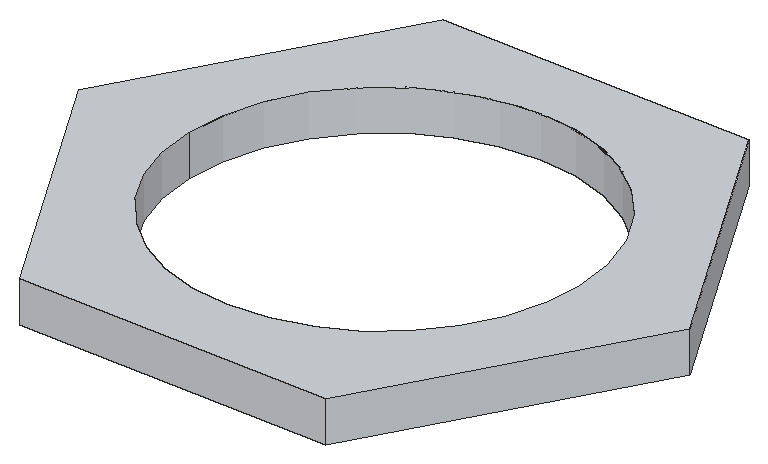
Revit family "LN4G", category Generic Models, Revit 2017
Family settings
  Can host rebar = No
  Round Connector Dimension = Use Diameter
  Part Type = Normal
  Work Plane-Based = Yes
  Always vertical = No
  Cut with Voids When Loaded = No
  Shared = No
  Room Calculation Point = No
Parameters (values of type "NBS Standard Parameters")
  Weight = "0.0344Kg"
  WarrantyStartDate [instance] = "1900-12-31T23:59:59"
  WarrantyGuarantorParts = "n/a"
  WarrantyGuarantorLabor = "n/a"
  WarrantyDurationUnit = "1 year"
  WarrantyDurationParts = "n/a"
  WarrantyDurationLabor = "n/a"
  WarrantyDescription = "n/a"
  Version = "1"
  Uniclass2 = "Pr_65_70_11_20"
  TagNumber [instance] = "n/a"
  SustainabilityPerformance = "1.5\""
  Size = "Hexagon"
  Shape = "n/a"
  SerialNumber [instance] = "n/a"
  Revision = "n/a"
  ReplacementCost = "n/a"
  ProductInformation = "www.metpro.co.uk/pdf/LN4G.pdf"
  NominalWidth = 50 mm
  NominalLength = 50 mm
  NominalHeight = 3.9 mm
  Name = ""
  NBSTypeID = ""
  NBSReference = "90-55-10/460"
  NBSOfficeMasterTag = ""
  NBSNote = ""
  NBSDescription = "Conduit Fittings"
  NBSCertification = ""
  ModelReference = "LN4G"
  ModelNumber = "n/a"
  Material = "Steel"
  ManufacturerURL = "www.metpro.co.uk"
  ManufacturerName = "Metpro Ltd"
  Keynote = "Compliant to LU Standard 1-085"
  InstallationDate [instance] = "1900-12-31T23:59:59"
  IfcExportType = ""
  IfcExportAs = ""
  Grade = "n/a"
  Finish = "BZP"
  Features = "n/a"
  ExpectedLife = "n/a"
  DurationUnit = "year"
  Description = "LN4G  1.5\" Lock Nut- Light Pattern"
  Default Elevation = 1219.2 mm
  Constituents = "n/a"
  Color = "n/a"
  CodePerformance = "n/a"
  Category = "n/a"
  BarCode [instance] = "n/a"
  BIMObjectName = "Metpro_Metprolibrary_Conduitfittings_Metalcomponent_Steelaccessories"
  Author = "Metpro Ltd"
  AssetType = ""
  AssetIdentifier [instance] = "n/a"
  AccessibilityPerformance = "n/a"
Reference planes
  plane 1 "Center (Front/Back)": y = 0
  plane 2: z = 0
  plane 3 "Center (Left/Right)": x = 0
Forms (mm)
  Extrusion 1, solid
    sketch origin (0, 0, 0) x (1, 0, 0) y (0, 1, 0)
      loop
        circle (10.04, 13.158) r 18.5
      loop
        line (-4.394, 38.158) -> (-18.828, 13.158) -> (-4.394, -11.842) -> (24.473, -11.842) -> (38.907, 13.158) -> (24.473, 38.158) -> (-4.394, 38.158)
    from 0 to 3.9
Dimensions and locks
  aligned and locked: level to plane 2
